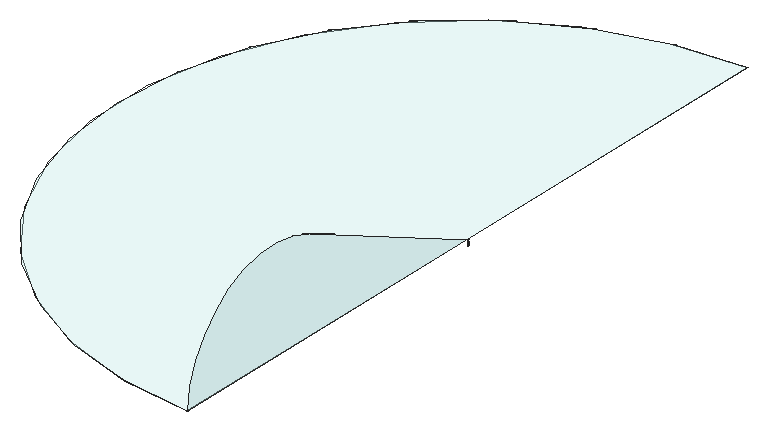
Revit family "Rotor 8005 Series - I8005SS", category Acessórios do tubo, Revit 2020
Family settings
  Cota do conector redondo = Utilizar diâmetro
  Tipo de parte = Normal
  Número OmniClass = 23.60.30.11.14
  Título OmniClass = Pipework Fittings
  Com base no plano de trabalho = Não
  Sempre na vertical = Sim
  Corte com vazios quando carregada = Não
  Compartilhado = Não
Parameters (values of type "Nozzle 20")
  Water = Water
  URL = "https://www.rainbird.com/"
  TABLE 90 = "TABLE 90psi"
  TABLE 80 = "TABLE 80psi"
  TABLE 70 = "TABLE 70psi"
  TABLE 60 = "TABLE 60psi"
  TABLE 50 = "TABLE 50psi"
  TABLE 100 = "TABLE 100psi"
  SupportProjetos: Reviw Date = ""  # constant formula
  SupportProjetos: Reviw = "R00"  # constant formula
  SupportProjetos: Level of Detail = "LOD 300"  # constant formula
  SupportProjetos: Developed = "MICHEL SOARES MOTA"  # constant formula
  SupportProjetos: Creation Date = "12/08/2020"  # constant formula
  Side inlet = no
  Rotation Water Visibility [instance] = Pop up on  # yes
  Rotation Angle [instance] = 180.00°
  RainBird: Product Link = "https://www.rainbird.com/"
  RainBird: Description = "I8005-SS Rotor "  # constant formula
  RainBird: Comment [instance] = ""
  RainBird: Code = "B81400"  # constant formula
  Radius [instance] = if(and(Pressure = 50.0 psi, Instance < 13 ft), size_lookup(TABLE 50, "Radius", 0 ft, Instance), if(and(Pressure = 60.0 psi, Instance < 13 ft), size_lookup(TABLE 60, "Radius", 0 ft, Instance), if(and(Pressure = 70.0 psi, Instance < 13 ft), size_lookup(TABLE 70, "Radius", 0 ft, Instance), if(and(Pressure = 80.0 psi, Instance < 13 ft), size_lookup(TABLE 80, "Radius", 0 ft, Instance), if(and(Pressure = 90.0 psi, Instance > 4 ft), size_lookup(TABLE 90, "Radius", 0 ft, Instance), if(and(Pressure = 100.0 psi, Instance > 8 ft), size_lookup(TABLE 100, "Radius", 0 ft, Instance), 600 ft))))))  # 73 ft
  RT = 0.009893 ft
  RN = 0.032808 ft
  R5 = 0.03937 ft
  R4 = 0.04101 ft
  R3 = 0.065617 ft
  R2 = 0.075407 ft
  R1 = 0.032808 ft
  Pressure [instance] = 90.0 psi
  Pop up height = 0.417 ft  # constant formula
  Pop up on [instance] = yes
  Modelo = "I8005SS"  # constant formula
  Instance = 9 ft
  H1 = Body height / 3  # 0.240667 ft
  Flow [instance] = if(and(Pressure = 50.0 psi, Instance < 13 ft), size_lookup(TABLE 50, "Flow", 0.0 GPM, Instance), if(and(Pressure = 60.0 psi, Instance < 13 ft), size_lookup(TABLE 60, "Flow", 0.0 GPM, Instance), if(and(Pressure = 70.0 psi, Instance < 13 ft), size_lookup(TABLE 70, "Flow", 0.0 GPM, Instance), if(and(Pressure = 80.0 psi, Instance < 13 ft), size_lookup(TABLE 80, "Flow", 0.0 GPM, Instance), if(and(Pressure = 90.0 psi, Instance > 4 ft), size_lookup(TABLE 90, "Flow", 0.0 GPM, Instance), if(and(Pressure = 100.0 psi, Instance > 8 ft), size_lookup(TABLE 100, "Flow", 0.0 GPM, Instance), 600.0 GPM))))))  # 25.3 GPM
  Fabricante = "Rain Bird"
  Elevação padrão = 0 ft
  Description = RainBird: Description  # "I8005-SS Rotor "
  DD13 = 0.002625 ft
  DD12 = 0.003937 ft
  DD11 = 0.009897 ft
  DD10 = 0.016404 ft
  DD8 [instance] = if(Pop up on, Pop up height, 0 ft)  # 0.417 ft
  DD7 = 0.019685 ft
  DD6 [instance] = 0.016404 ft
  DD5 = 0.065617 ft
  DD4 = 0.032808 ft
  DD3 = 0.091048 ft
  DD2 [instance] = 0.024514 ft
  DD9 [instance] = if(Pop up on, Pop up height + 0.049541 ft, 0 ft)  # 0.466541 ft
  DD1 = 0.006562 ft
  Conection = 0.062664 ft  # constant formula
  Body height = 0.722 ft  # constant formula
  Blue = Blue Plastic
  Black Plastic = Black Plastic
  Angle = 25.00°
Types (13, lengths in ft): name | Radius | Pressure | Instance | Flow
  (no name) | 73 | 90.0 psi | 9 | 25.3 GPM
  Nozzle 4 | 39 | 80.0 psi | 1 | 5.0 GPM
  Nozzle 6 | 45 | 80.0 psi | 2 | 7.1 GPM
  Nozzle 8 | 49 | 80.0 psi | 3 | 9.8 GPM
  Nozzle 10 | 55 | 80.0 psi | 4 | 11.8 GPM
  Nozzle 12 | 61 | 80.0 psi | 5 | 14.2 GPM
  Tipo 14 | 63 | 80.0 psi | 6 | 16.4 GPM
  Nozzle 16 | 67 | 80.0 psi | 7 | 18.6 GPM
  Nozzle 18 | 71 | 90.0 psi | 8 | 22.2 GPM
  Nozzle 20 | 73 | 90.0 psi | 9 | 25.3 GPM
  Nozzle 22 | 75 | 90.0 psi | 10 | 29.1 GPM
  Nozzle 24 | 79 | 90.0 psi | 11 | 31.0 GPM
  Nozzle 26 | 79 | 90.0 psi | 12 | 33.7 GPM
Reference planes (ft)
  plane 1 "Centro (Frente/Trás)": y = 0
  plane 2: z = 0
  plane 3 "Centro (Esquerda/Direita)": x = 0
  plane 4: z = 0.003937
  plane 5: z = 0.002625
  plane 6: y = -0.065617
Forms (ft)
  Revolve 1, solid, material "Black Plastic" <- "Black Plastic"
    sketch origin (0, 0, 0) x (1, 0, 0) y (0, 0, 1)
      loop
        line (0.075407, -0.091048) -> (0.075407, -0.035324)
        arc (0.075407, -0.035324) -> (0.072509, -0.028329) -> (0.065514, -0.025431) r 0.009893
        line (0.065514, -0.025431) -> (0.046098, -0.025431) -> (0.046098, 0) -> (0.03937, 0) -> (0.03937, -0.417) -> (0.019685, -0.417) -> (0.019685, -0.715438) -> (0.032808, -0.715438) -> (0.032808, -0.722) -> (0.04101, -0.722) -> (0.04101, -0.715438) -> (0.055724, -0.715438)
        arc (0.055724, -0.715438) -> (0.062719, -0.712541) -> (0.065617, -0.705545) r 0.009893
        line (0.065617, -0.705545) -> (0.065617, -0.091048) -> (0.075407, -0.091048)
      axis (0, -0.722) -> (0, 0)
    angle from 0 to 360
  Extrusion 2, solid, material "Black Plastic" <- "Black Plastic"
    sketch origin (0, 0, 0) x (1, 0, 0) y (0, 1, 0)
      loop
        circle (0, 0) r 0.032808
    from -0.417 to 0.417
  Extrusion 3, void
    sketch origin (0, 0, 0) x (1, 0, 0) y (0, 1, 0)
      loop
        circle (0, 0) r 0.022844
    from -0.417 to 0.417
  Revolve 4, solid, material "Black Plastic" <- "Black Plastic"
    sketch origin (0, 0, 0) x (1, 0, 0) y (0, 0, 1)
      loop
        line (0, 0.417) -> (0.037004, 0.417) -> (0.037004, 0.426897)
        arc (0.037004, 0.426897) -> (0.01879, 0.43179) -> (0, 0.433404) r 0.10685
        line (0, 0.433404) -> (0, 0.417)
      axis (0, 0.417) -> (0, 0.433404)
    angle from 0 to 360
  Extrusion 5, solid, material "Blue Plastic" <- "Blue"
    sketch origin (0, 0, 0) x (1, 0, 0) y (0, 0, 1)
      loop
        circle (0, 0.392486) r 0.009129
      loop
        circle (0, 0.392486) r 0.004793
    from 0 to 0.034386
  Extrusion 6, void
    sketch origin (0, 0, 0) x (1, 0, 0) y (0, 0, 1)
      loop
        line (-0.02074, 0.328055) -> (-0.02074, 0.282426) -> (0.020672, 0.282426) -> (0.020672, 0.328055) -> (-0.02074, 0.328055)
      loop
        line (-0.018439, 0.325179) -> (-0.018439, 0.285685) -> (0.018179, 0.285685) -> (0.018179, 0.325179) -> (-0.018439, 0.325179)
    from 0.024556 to 0.06931
  Extrusion 7, solid, material "Black Plastic" <- "Black Plastic"
    sketch origin (0, 0, 0) x (1, 0, 0) y (0, 0, 1)
      loop
        line (0.046098, 0) -> (0.046098, -0.036876) -> (0.073493, -0.036876) -> (0.046098, 0)
    from -0.002998 to 0.002998
  Extrusion 8, solid, material "Black Plastic" <- "Black Plastic"
    sketch origin (0, 0, 0) x (-1, 0, 0) y (0, 0, -1)
      loop
        line (0.046098, 0) -> (0.073493, 0.036876) -> (0.046098, 0.036876) -> (0.046098, 0)
    from -0.002998 to 0.002998
  Extrusion 9, solid, material "Black Plastic" <- "Black Plastic"
    sketch origin (0, 0, 0) x (0.866025, 0.5, 0) y (0, 0, 1)
      loop
        line (0.046098, 0) -> (0.046098, -0.036876) -> (0.073493, -0.036876) -> (0.046098, 0)
    from -0.002998 to 0.002998
  Extrusion 10, solid, material "Black Plastic" <- "Black Plastic"
    sketch origin (0, 0, 0) x (-0.866025, -0.5, 0) y (0, 0, -1)
      loop
        line (0.046098, 0) -> (0.073493, 0.036876) -> (0.046098, 0.036876) -> (0.046098, 0)
    from -0.002998 to 0.002998
  Extrusion 11, solid, material "Black Plastic" <- "Black Plastic"
    sketch origin (0, 0, 0) x (0, 1, 0) y (0, 0, 1)
      loop
        line (0.046098, 0) -> (0.046098, -0.036876) -> (0.073493, -0.036876) -> (0.046098, 0)
    from -0.002998 to 0.002998
  Extrusion 12, solid, material "Black Plastic" <- "Black Plastic"
    sketch origin (0, 0, 0) x (0, -1, 0) y (0, 0, -1)
      loop
        line (0.046098, 0) -> (0.073493, 0.036876) -> (0.046098, 0.036876) -> (0.046098, 0)
    from -0.002998 to 0.002998
  Extrusion 13, solid, material "Black Plastic" <- "Black Plastic"
    sketch origin (0, 0, 0) x (0.5, 0.866025, 0) y (0, 0, 1)
      loop
        line (0.046098, 0) -> (0.046098, -0.036876) -> (0.073493, -0.036876) -> (0.046098, 0)
    from -0.002998 to 0.002998
  Extrusion 14, solid, material "Black Plastic" <- "Black Plastic"
    sketch origin (0, 0, 0) x (-0.5, -0.866025, 0) y (0, 0, -1)
      loop
        line (0.046098, 0) -> (0.073493, 0.036876) -> (0.046098, 0.036876) -> (0.046098, 0)
    from -0.002998 to 0.002998
  Extrusion 15, solid, material "Black Plastic" <- "Black Plastic"
    sketch origin (0, 0, 0) x (-0.5, 0.866025, 0) y (0, 0, 1)
      loop
        line (0.046098, 0) -> (0.046098, -0.036876) -> (0.073493, -0.036876) -> (0.046098, 0)
    from -0.002998 to 0.002998
  Extrusion 16, solid, material "Black Plastic" <- "Black Plastic"
    sketch origin (0, 0, 0) x (0.5, -0.866025, 0) y (0, 0, -1)
      loop
        line (0.046098, 0) -> (0.073493, 0.036876) -> (0.046098, 0.036876) -> (0.046098, 0)
    from -0.002998 to 0.002998
  Extrusion 17, solid, material "Black Plastic" <- "Black Plastic"
    sketch origin (0, 0, 0) x (-0.866025, 0.5, 0) y (0, 0, 1)
      loop
        line (0.046098, 0) -> (0.046098, -0.036876) -> (0.073493, -0.036876) -> (0.046098, 0)
    from -0.002998 to 0.002998
  Extrusion 18, solid, material "Black Plastic" <- "Black Plastic"
    sketch origin (0, 0, 0) x (0.866025, -0.5, 0) y (0, 0, -1)
      loop
        line (0.046098, 0) -> (0.073493, 0.036876) -> (0.046098, 0.036876) -> (0.046098, 0)
    from -0.002998 to 0.002998
  Extrusion 19, void
    sketch origin (0, 0, 0) x (1, 0, 0) y (0, 1, 0)
      loop
        line (-0.002998, 0.077702) -> (-0.002998, 0.071655) -> (0.002998, 0.071655) -> (0.002998, 0.077702) -> (-0.002998, 0.077702)
    from -0.091048 to 0.82021
  Extrusion 20, void
    sketch origin (0, 0, 0) x (1, 0, 0) y (0, 1, 0)
      loop
        line (0.002998, -0.077702) -> (0.002998, -0.071655) -> (-0.002998, -0.071655) -> (-0.002998, -0.077702) -> (0.002998, -0.077702)
    from -0.091048 to 0.82021
  Extrusion 21, void
    sketch origin (0, 0, 0) x (0.965926, 0.258819, 0) y (-0.258819, 0.965926, 0)
      loop
        line (-0.002998, 0.077702) -> (-0.002998, 0.071655) -> (0.002998, 0.071655) -> (0.002998, 0.077702) -> (-0.002998, 0.077702)
    from -0.091048 to 0.82021
  Extrusion 22, void
    sketch origin (0, 0, 0) x (0.965926, 0.258819, 0) y (-0.258819, 0.965926, 0)
      loop
        line (0.002998, -0.077702) -> (0.002998, -0.071655) -> (-0.002998, -0.071655) -> (-0.002998, -0.077702) -> (0.002998, -0.077702)
    from -0.091048 to 0.82021
  Extrusion 23, void
    sketch origin (0, 0, 0) x (0.866025, 0.5, 0) y (-0.5, 0.866025, 0)
      loop
        line (-0.002998, 0.077702) -> (-0.002998, 0.071655) -> (0.002998, 0.071655) -> (0.002998, 0.077702) -> (-0.002998, 0.077702)
    from -0.091048 to 0.82021
  Extrusion 24, void
    sketch origin (0, 0, 0) x (0.866025, 0.5, 0) y (-0.5, 0.866025, 0)
      loop
        line (0.002998, -0.077702) -> (0.002998, -0.071655) -> (-0.002998, -0.071655) -> (-0.002998, -0.077702) -> (0.002998, -0.077702)
    from -0.091048 to 0.82021
  Extrusion 25, void
    sketch origin (0, 0, 0) x (0.5, 0.866025, 0) y (-0.866025, 0.5, 0)
      loop
        line (-0.002998, 0.077702) -> (-0.002998, 0.071655) -> (0.002998, 0.071655) -> (0.002998, 0.077702) -> (-0.002998, 0.077702)
    from -0.091048 to 0.82021
  Extrusion 26, void
    sketch origin (0, 0, 0) x (0.5, 0.866025, 0) y (-0.866025, 0.5, 0)
      loop
        line (0.002998, -0.077702) -> (0.002998, -0.071655) -> (-0.002998, -0.071655) -> (-0.002998, -0.077702) -> (0.002998, -0.077702)
    from -0.091048 to 0.82021
  Extrusion 27, void
    sketch origin (0, 0, 0) x (0.707107, 0.707107, 0) y (-0.707107, 0.707107, 0)
      loop
        line (-0.002998, 0.077702) -> (-0.002998, 0.071655) -> (0.002998, 0.071655) -> (0.002998, 0.077702) -> (-0.002998, 0.077702)
    from -0.091048 to 0.82021
  Extrusion 28, void
    sketch origin (0, 0, 0) x (0.707107, 0.707107, 0) y (-0.707107, 0.707107, 0)
      loop
        line (0.002998, -0.077702) -> (0.002998, -0.071655) -> (-0.002998, -0.071655) -> (-0.002998, -0.077702) -> (0.002998, -0.077702)
    from -0.091048 to 0.82021
  Extrusion 29, void
    sketch origin (0, 0, 0) x (0.258819, 0.965926, 0) y (-0.965926, 0.258819, 0)
      loop
        line (-0.002998, 0.077702) -> (-0.002998, 0.071655) -> (0.002998, 0.071655) -> (0.002998, 0.077702) -> (-0.002998, 0.077702)
    from -0.091048 to 0.82021
  Extrusion 30, void
    sketch origin (0, 0, 0) x (0.258819, 0.965926, 0) y (-0.965926, 0.258819, 0)
      loop
        line (0.002998, -0.077702) -> (0.002998, -0.071655) -> (-0.002998, -0.071655) -> (-0.002998, -0.077702) -> (0.002998, -0.077702)
    from -0.091048 to 0.82021
  Extrusion 31, void
    sketch origin (0, 0, 0) x (0, 1, 0) y (-1, 0, 0)
      loop
        line (-0.002998, 0.077702) -> (-0.002998, 0.071655) -> (0.002998, 0.071655) -> (0.002998, 0.077702) -> (-0.002998, 0.077702)
    from -0.091048 to 0.82021
  Extrusion 32, void
    sketch origin (0, 0, 0) x (0, 1, 0) y (-1, 0, 0)
      loop
        line (0.002998, -0.077702) -> (0.002998, -0.071655) -> (-0.002998, -0.071655) -> (-0.002998, -0.077702) -> (0.002998, -0.077702)
    from -0.091048 to 0.82021
  Extrusion 33, void
    sketch origin (0, 0, 0) x (-0.258819, 0.965926, 0) y (-0.965926, -0.258819, 0)
      loop
        line (-0.002998, 0.077702) -> (-0.002998, 0.071655) -> (0.002998, 0.071655) -> (0.002998, 0.077702) -> (-0.002998, 0.077702)
    from -0.091048 to 0.82021
  Extrusion 34, void
    sketch origin (0, 0, 0) x (-0.258819, 0.965926, 0) y (-0.965926, -0.258819, 0)
      loop
        line (0.002998, -0.077702) -> (0.002998, -0.071655) -> (-0.002998, -0.071655) -> (-0.002998, -0.077702) -> (0.002998, -0.077702)
    from -0.091048 to 0.82021
  Extrusion 35, void
    sketch origin (0, 0, 0) x (-0.5, 0.866025, 0) y (-0.866025, -0.5, 0)
      loop
        line (-0.002998, 0.077702) -> (-0.002998, 0.071655) -> (0.002998, 0.071655) -> (0.002998, 0.077702) -> (-0.002998, 0.077702)
    from -0.091048 to 0.82021
  Extrusion 36, void
    sketch origin (0, 0, 0) x (-0.5, 0.866025, 0) y (-0.866025, -0.5, 0)
      loop
        line (0.002998, -0.077702) -> (0.002998, -0.071655) -> (-0.002998, -0.071655) -> (-0.002998, -0.077702) -> (0.002998, -0.077702)
    from -0.091048 to 0.82021
  Extrusion 37, void
    sketch origin (0, 0, 0) x (-0.707107, 0.707107, 0) y (-0.707107, -0.707107, 0)
      loop
        line (-0.002998, 0.077702) -> (-0.002998, 0.071655) -> (0.002998, 0.071655) -> (0.002998, 0.077702) -> (-0.002998, 0.077702)
    from -0.091048 to 0.82021
  Extrusion 38, void
    sketch origin (0, 0, 0) x (-0.707107, 0.707107, 0) y (-0.707107, -0.707107, 0)
      loop
        line (0.002998, -0.077702) -> (0.002998, -0.071655) -> (-0.002998, -0.071655) -> (-0.002998, -0.077702) -> (0.002998, -0.077702)
    from -0.091048 to 0.82021
  Extrusion 39, void
    sketch origin (0, 0, 0) x (-0.866025, 0.5, 0) y (-0.5, -0.866025, 0)
      loop
        line (-0.002998, 0.077702) -> (-0.002998, 0.071655) -> (0.002998, 0.071655) -> (0.002998, 0.077702) -> (-0.002998, 0.077702)
    from -0.091048 to 0.82021
  Extrusion 40, void
    sketch origin (0, 0, 0) x (-0.866025, 0.5, 0) y (-0.5, -0.866025, 0)
      loop
        line (0.002998, -0.077702) -> (0.002998, -0.071655) -> (-0.002998, -0.071655) -> (-0.002998, -0.077702) -> (0.002998, -0.077702)
    from -0.091048 to 0.82021
  Extrusion 41, void
    sketch origin (0, 0, 0) x (-0.965926, 0.258819, 0) y (-0.258819, -0.965926, 0)
      loop
        line (-0.002998, 0.077702) -> (-0.002998, 0.071655) -> (0.002998, 0.071655) -> (0.002998, 0.077702) -> (-0.002998, 0.077702)
    from -0.091048 to 0.82021
  Extrusion 42, void
    sketch origin (0, 0, 0) x (-0.965926, 0.258819, 0) y (-0.258819, -0.965926, 0)
      loop
        line (0.002998, -0.077702) -> (0.002998, -0.071655) -> (-0.002998, -0.071655) -> (-0.002998, -0.077702) -> (0.002998, -0.077702)
    from -0.091048 to 0.82021
  Extrusion 43, solid, material "Water" <- "Water", visible <- "Rotation Water Visibility"
    sketch origin (0, 0, 0) x (0, 1, 0) y (0, 0, 1)
      loop
        line (-0.032808, 0.392486) -> (-41.314762, 19.642577)
        arc (-41.314762, 19.642577) -> (-62.318922, 18.495086) -> (-73.032808, 0.392486) r 22.310372
        line (-73.032808, 0.392486) -> (-0.032808, 0.392486)
    from -0.008202 to 0.008202
Cuts and joins
  Extrusion 3, Extrusion 6 cuts Extrusion 2
  Extrusion 19, Extrusion 20, Extrusion 21, Extrusion 22, Extrusion 23, Extrusion 24, Extrusion 25, Extrusion 26, Extrusion 27, Extrusion 28, Extrusion 29, Extrusion 30, Extrusion 31, Extrusion 32, Extrusion 33, Extrusion 34, Extrusion 35, Extrusion 36, Extrusion 37, Extrusion 38, Extrusion 39, Extrusion 40, Extrusion 41, Extrusion 42 cuts Revolve 1
Dimensions and locks (ft)
  "Body height": level to Revolve 1 sketch curve
  "R2": Revolve 1 sketch curve to plane 3 "Centro (Esquerda/Direita)"
  "DD1": Revolve 1 sketch curve to Revolve 1 sketch curve
  "DD3": level to Revolve 1 sketch curve
  Revolve 1 sketch curve to plane 3 "Centro (Esquerda/Direita)" = 0.065617 ft
  "R4": Revolve 1 sketch curve to plane 3 "Centro (Esquerda/Direita)"
  "RN": Revolve 1 sketch curve to plane 3 "Centro (Esquerda/Direita)"
  "Pop up height": level to Revolve 1 sketch curve
  "R5": plane 3 "Centro (Esquerda/Direita)" to Revolve 1 sketch curve
  "DD7": Revolve 1 sketch curve to plane 3 "Centro (Esquerda/Direita)"
  "DD8": Extrusion 2 to level
  "DD12": plane 4 to level
  "DD13": plane 5 to level
  "R3": plane 6 to plane 1 "Centro (Frente/Trás)"
  "DD5": Revolve 1 sketch curve to Revolve 1 sketch curve
  "DD10": Revolve 4 sketch curve to Revolve 4 sketch curve
  "DD11": Revolve 4 sketch curve to Revolve 4 sketch curve
  "DD2": Revolve 4 to Extrusion 5 sketch curve  (x2)
  Extrusion 7 to plane 3 "Centro (Esquerda/Direita)" = 0.046098 ft
  equal spacing: Extrusion 7, plane 1 "Centro (Frente/Trás)", Extrusion 7
  Extrusion 8 to Extrusion 8 = 0.005995 ft
  Extrusion 9 to Extrusion 9 = 0.005995 ft
  Extrusion 20 sketch curve to Extrusion 20 sketch curve = 0.005995 ft
  Extrusion 22 sketch curve to Extrusion 22 sketch curve = 0.005995 ft
  Extrusion 24 sketch curve to Extrusion 24 sketch curve = 0.005995 ft
  Extrusion 26 sketch curve to Extrusion 26 sketch curve = 0.005995 ft
  Extrusion 28 sketch curve to Extrusion 28 sketch curve = 0.005995 ft
  Extrusion 30 sketch curve to Extrusion 30 sketch curve = 0.005995 ft
  Extrusion 32 sketch curve to Extrusion 32 sketch curve = 0.005995 ft
  Extrusion 34 sketch curve to Extrusion 34 sketch curve = 0.005995 ft
  Extrusion 36 sketch curve to Extrusion 36 sketch curve = 0.005995 ft
  Extrusion 38 sketch curve to Extrusion 38 sketch curve = 0.005995 ft
  Extrusion 40 sketch curve to Extrusion 40 sketch curve = 0.005995 ft
  Extrusion 42 sketch curve to Extrusion 42 sketch curve = 0.005995 ft
  "DD4": plane 1 "Centro (Frente/Trás)" to Extrusion 43 sketch curve
  "DD2": Revolve 4 to Extrusion 43 sketch curve
  "Radius": Extrusion 43 sketch curve to Extrusion 43 sketch curve
  equal spacing: Extrusion 43, plane 3 "Centro (Esquerda/Direita)", Extrusion 43
  "DD6": Extrusion 43 to Extrusion 43
  "DD2": Revolve 4 to nested 1
  "RT": radius of Revolve 1 sketch curve  (x2)
  "R1": radius of Extrusion 2 sketch curve
  "Angle": angle Extrusion 43 sketch curve to Extrusion 43 sketch curve
  aligned and locked: level to plane 2
  aligned and locked: Revolve 1 sketch curve to Revolve 1 sketch curve
  aligned and locked: Extrusion 2 to Revolve 1
  aligned and locked: cut or joined group of Extrusion 2, Extrusion 3, Extrusion 6 to cut or joined group of Extrusion 2, Extrusion 3, Extrusion 6  (x2)
  aligned and locked: Revolve 4 sketch curve to cut or joined group of Extrusion 2, Extrusion 3, Extrusion 6
  aligned and locked: Extrusion 20 to Revolve 1
  aligned and locked: Extrusion 22 to Revolve 1
  aligned and locked: Extrusion 24 to Revolve 1
  aligned and locked: Extrusion 28 to Revolve 1
  aligned and locked: Extrusion 26 to Revolve 1
  aligned and locked: Extrusion 30 to Revolve 1
  aligned and locked: Extrusion 32 to Revolve 1
  aligned and locked: Extrusion 34 to Revolve 1
  aligned and locked: Revolve 1 to Extrusion 36
  aligned and locked: Revolve 1 to Extrusion 38
  aligned and locked: Extrusion 41 to Revolve 1
  aligned and locked: Extrusion 39 to Revolve 1
  aligned and locked: Extrusion 37 to Revolve 1
  aligned and locked: Extrusion 35 to Revolve 1
  aligned and locked: Extrusion 33 to Revolve 1
  aligned and locked: Extrusion 31 to Revolve 1
  aligned and locked: Extrusion 29 to Revolve 1
  aligned and locked: Revolve 1 to Extrusion 25
  aligned and locked: Revolve 1 to Extrusion 27
  aligned and locked: Revolve 1 to Extrusion 19
  aligned and locked: Revolve 1 to Extrusion 21
  aligned and locked: Revolve 1 to Extrusion 42
  aligned and locked: Revolve 1 to Extrusion 40
  aligned and locked: Revolve 1 to Extrusion 23
Automatic sketch dimensions
  plane 1 "Centro (Frente/Trás)" to Extrusion 2 sketch curve = 0 ft
  Extrusion 2 sketch curve to plane 3 "Centro (Esquerda/Direita)" = 0 ft
  plane 1 "Centro (Frente/Trás)" to Extrusion 3 sketch curve = 0 ft
  Extrusion 3 sketch curve to plane 3 "Centro (Esquerda/Direita)" = 0 ft
  Revolve 4 sketch curve to plane 3 "Centro (Esquerda/Direita)" = 0 ft  (x2)
  plane 3 "Centro (Esquerda/Direita)" to Revolve 4 sketch curve = 0.000284 ft
  plane 3 "Centro (Esquerda/Direita)" to Revolve 4 sketch curve = 0.037004 ft
  Revolve 4 sketch curve to Revolve 4 sketch curve = 0.015719 ft
  Revolve 4 sketch curve to Revolve 4 sketch curve = 0.114829 ft
  Extrusion 5 sketch curve to Extrusion 5 sketch curve = 0 ft
  Extrusion 5 sketch curve to plane 3 "Centro (Esquerda/Direita)" = 0 ft
  Extrusion 6 sketch curve to plane 3 "Centro (Esquerda/Direita)" = 0.02074 ft
  Extrusion 6 sketch curve to Extrusion 6 sketch curve = 0.002301 ft
  plane 3 "Centro (Esquerda/Direita)" to Extrusion 6 sketch curve = 0.018179 ft
  Extrusion 6 sketch curve to Extrusion 6 sketch curve = 0.002492 ft
  plane 4 to Extrusion 6 sketch curve = 0.278489 ft
  Extrusion 6 sketch curve to Extrusion 6 sketch curve = 0.003259 ft
  Extrusion 6 sketch curve to Extrusion 6 sketch curve = 0.039494 ft
  Extrusion 6 sketch curve to Extrusion 6 sketch curve = 0.002876 ft
  Extrusion 7 sketch curve to level = 0 ft
  plane 3 "Centro (Esquerda/Direita)" to Extrusion 7 sketch curve = 0.046098 ft
  Extrusion 7 sketch curve to Extrusion 7 sketch curve = 0.027396 ft
  Extrusion 7 sketch curve to Extrusion 7 sketch curve = 0.036876 ft
  Extrusion 8 sketch curve to level = 0 ft
  plane 3 "Centro (Esquerda/Direita)" to Extrusion 8 sketch curve = 0.046098 ft
  Extrusion 8 sketch curve to Extrusion 8 sketch curve = 0.027396 ft
  Extrusion 8 sketch curve to Extrusion 8 sketch curve = 0.036876 ft
  Extrusion 9 sketch curve to level = 0 ft
  Extrusion 9 sketch curve to level = 0.036876 ft
  Extrusion 9 sketch curve to Extrusion 9 sketch curve = 0.027396 ft
  Extrusion 10 sketch curve to level = 0 ft
  Extrusion 10 sketch curve to level = 0.036876 ft
  Extrusion 10 sketch curve to Extrusion 10 sketch curve = 0.027396 ft
  Extrusion 11 sketch curve to level = 0 ft
  Extrusion 11 sketch curve to plane 1 "Centro (Frente/Trás)" = 0.046098 ft
  Extrusion 11 sketch curve to Extrusion 11 sketch curve = 0.027396 ft
  Extrusion 11 sketch curve to Extrusion 11 sketch curve = 0.036876 ft
  Extrusion 12 sketch curve to level = 0 ft
  plane 6 to Extrusion 12 sketch curve = 0.019519 ft
  Extrusion 12 sketch curve to plane 6 = 0.007877 ft
  Extrusion 12 sketch curve to level = 0.036876 ft
  Extrusion 13 sketch curve to level = 0 ft
  Extrusion 13 sketch curve to level = 0.036876 ft
  Extrusion 13 sketch curve to Extrusion 13 sketch curve = 0.027396 ft
  Extrusion 14 sketch curve to level = 0 ft
  Extrusion 14 sketch curve to level = 0.036876 ft
  Extrusion 14 sketch curve to Extrusion 14 sketch curve = 0.027396 ft
  level to Extrusion 15 sketch curve = 0 ft
  Extrusion 15 sketch curve to level = 0.036876 ft
  Extrusion 15 sketch curve to Extrusion 15 sketch curve = 0.027396 ft
  level to Extrusion 16 sketch curve = 0 ft
  Extrusion 16 sketch curve to level = 0.036876 ft
  Extrusion 16 sketch curve to Extrusion 16 sketch curve = 0.027396 ft
  level to Extrusion 17 sketch curve = 0 ft
  Extrusion 17 sketch curve to level = 0.036876 ft
  Extrusion 17 sketch curve to Extrusion 17 sketch curve = 0.027396 ft
  level to Extrusion 18 sketch curve = 0 ft
  Extrusion 18 sketch curve to level = 0.036876 ft
  Extrusion 18 sketch curve to Extrusion 18 sketch curve = 0.027396 ft
  Extrusion 19 sketch curve to plane 3 "Centro (Esquerda/Direita)" = 0.002998 ft
  Extrusion 19 sketch curve to plane 1 "Centro (Frente/Trás)" = 0.071655 ft
  Extrusion 19 sketch curve to Extrusion 19 sketch curve = 0.006047 ft
  plane 3 "Centro (Esquerda/Direita)" to Extrusion 20 sketch curve = 0.002998 ft
  plane 6 to Extrusion 20 sketch curve = 0.006038 ft
  Extrusion 20 sketch curve to Extrusion 20 sketch curve = 0.006047 ft
  plane 3 "Centro (Esquerda/Direita)" to Extrusion 19 sketch curve = 0.002998 ft
  Extrusion 21 sketch curve to plane 3 "Centro (Esquerda/Direita)" = 0.021441 ft
  Extrusion 21 sketch curve to plane 1 "Centro (Frente/Trás)" = 0.068438 ft
  Extrusion 21 sketch curve to Extrusion 21 sketch curve = 0.005995 ft
  Extrusion 21 sketch curve to Extrusion 21 sketch curve = 0.006047 ft
  Extrusion 22 sketch curve to plane 6 = 0.010213 ft
  plane 3 "Centro (Esquerda/Direita)" to Extrusion 22 sketch curve = 0.017215 ft
  Extrusion 22 sketch curve to Extrusion 22 sketch curve = 0.006047 ft
  Extrusion 23 sketch curve to plane 3 "Centro (Esquerda/Direita)" = 0.038424 ft
  Extrusion 23 sketch curve to plane 1 "Centro (Frente/Trás)" = 0.060556 ft
  Extrusion 23 sketch curve to Extrusion 23 sketch curve = 0.005995 ft
  Extrusion 23 sketch curve to Extrusion 23 sketch curve = 0.006047 ft
  Extrusion 24 sketch curve to plane 6 = 0.003174 ft
  plane 3 "Centro (Esquerda/Direita)" to Extrusion 24 sketch curve = 0.036255 ft
  Extrusion 24 sketch curve to Extrusion 24 sketch curve = 0.006047 ft
  Extrusion 25 sketch curve to plane 1 "Centro (Frente/Trás)" = 0.033231 ft
  Extrusion 25 sketch curve to plane 3 "Centro (Esquerda/Direita)" = 0.063554 ft
  Extrusion 25 sketch curve to Extrusion 25 sketch curve = 0.005995 ft
  Extrusion 25 sketch curve to Extrusion 25 sketch curve = 0.006047 ft
  Extrusion 26 sketch curve to plane 6 = 0.02417 ft
  Extrusion 26 sketch curve to plane 3 "Centro (Esquerda/Direita)" = 0.065793 ft
  Extrusion 26 sketch curve to Extrusion 26 sketch curve = 0.006047 ft
  Extrusion 27 sketch curve to plane 1 "Centro (Frente/Trás)" = 0.048548 ft
  Extrusion 27 sketch curve to plane 3 "Centro (Esquerda/Direita)" = 0.052787 ft
  Extrusion 27 sketch curve to Extrusion 27 sketch curve = 0.005995 ft
  Extrusion 27 sketch curve to Extrusion 27 sketch curve = 0.006047 ft
  plane 6 to Extrusion 28 sketch curve = 0.008554 ft
  plane 3 "Centro (Esquerda/Direita)" to Extrusion 28 sketch curve = 0.052824 ft
  Extrusion 28 sketch curve to Extrusion 28 sketch curve = 0.006047 ft
  Extrusion 29 sketch curve to plane 1 "Centro (Frente/Trás)" = 0.01565 ft
  Extrusion 29 sketch curve to plane 3 "Centro (Esquerda/Direita)" = 0.069989 ft
  Extrusion 29 sketch curve to Extrusion 29 sketch curve = 0.005995 ft
  Extrusion 29 sketch curve to Extrusion 29 sketch curve = 0.006047 ft
  plane 1 "Centro (Frente/Trás)" to Extrusion 30 sketch curve = 0.023006 ft
  plane 3 "Centro (Esquerda/Direita)" to Extrusion 30 sketch curve = 0.074278 ft
  Extrusion 30 sketch curve to Extrusion 30 sketch curve = 0.006047 ft
  plane 1 "Centro (Frente/Trás)" to Extrusion 31 sketch curve = 0.002998 ft
  Extrusion 31 sketch curve to plane 1 "Centro (Frente/Trás)" = 0.002998 ft
  Extrusion 31 sketch curve to plane 3 "Centro (Esquerda/Direita)" = 0.071655 ft
  Extrusion 31 sketch curve to Extrusion 31 sketch curve = 0.006047 ft
  plane 1 "Centro (Frente/Trás)" to Extrusion 32 sketch curve = 0.002998 ft
  plane 3 "Centro (Esquerda/Direita)" to Extrusion 32 sketch curve = 0.077702 ft
  Extrusion 32 sketch curve to Extrusion 32 sketch curve = 0.006047 ft
  plane 1 "Centro (Frente/Trás)" to Extrusion 33 sketch curve = 0.021441 ft
  Extrusion 33 sketch curve to plane 3 "Centro (Esquerda/Direita)" = 0.068438 ft
  Extrusion 33 sketch curve to Extrusion 33 sketch curve = 0.005995 ft
  Extrusion 33 sketch curve to Extrusion 33 sketch curve = 0.006047 ft
  Extrusion 34 sketch curve to plane 1 "Centro (Frente/Trás)" = 0.017215 ft
  plane 3 "Centro (Esquerda/Direita)" to Extrusion 34 sketch curve = 0.07583 ft
  Extrusion 34 sketch curve to Extrusion 34 sketch curve = 0.006047 ft
  plane 6 to Extrusion 35 sketch curve = 0.027193 ft
  Extrusion 35 sketch curve to plane 3 "Centro (Esquerda/Direita)" = 0.060556 ft
  Extrusion 35 sketch curve to Extrusion 35 sketch curve = 0.005995 ft
  Extrusion 35 sketch curve to Extrusion 35 sketch curve = 0.006047 ft
  Extrusion 36 sketch curve to plane 1 "Centro (Frente/Trás)" = 0.036255 ft
  plane 3 "Centro (Esquerda/Direita)" to Extrusion 36 sketch curve = 0.068791 ft
  Extrusion 36 sketch curve to Extrusion 36 sketch curve = 0.006047 ft
  plane 6 to Extrusion 37 sketch curve = 0.012829 ft
  Extrusion 37 sketch curve to plane 3 "Centro (Esquerda/Direita)" = 0.048548 ft
  Extrusion 37 sketch curve to Extrusion 37 sketch curve = 0.005995 ft
  Extrusion 37 sketch curve to Extrusion 37 sketch curve = 0.006047 ft
  Extrusion 38 sketch curve to plane 1 "Centro (Frente/Trás)" = 0.052824 ft
  plane 3 "Centro (Esquerda/Direita)" to Extrusion 38 sketch curve = 0.057063 ft
  Extrusion 38 sketch curve to Extrusion 38 sketch curve = 0.006047 ft
  plane 6 to Extrusion 39 sketch curve = 0.002063 ft
  Extrusion 39 sketch curve to plane 3 "Centro (Esquerda/Direita)" = 0.033231 ft
  Extrusion 39 sketch curve to Extrusion 39 sketch curve = 0.005995 ft
  Extrusion 39 sketch curve to Extrusion 39 sketch curve = 0.006047 ft
  plane 3 "Centro (Esquerda/Direita)" to Extrusion 40 sketch curve = 0.041447 ft
  Extrusion 40 sketch curve to plane 1 "Centro (Frente/Trás)" = 0.065793 ft
  Extrusion 40 sketch curve to Extrusion 40 sketch curve = 0.006047 ft
  Extrusion 41 sketch curve to plane 6 = 0.004372 ft
  Extrusion 41 sketch curve to plane 3 "Centro (Esquerda/Direita)" = 0.01565 ft
  Extrusion 41 sketch curve to Extrusion 41 sketch curve = 0.005995 ft
  Extrusion 41 sketch curve to Extrusion 41 sketch curve = 0.006047 ft
  plane 3 "Centro (Esquerda/Direita)" to Extrusion 42 sketch curve = 0.023006 ft
  Extrusion 42 sketch curve to plane 1 "Centro (Frente/Trás)" = 0.074278 ft
  Extrusion 42 sketch curve to Extrusion 42 sketch curve = 0.006047 ft
  Revolve 1 sketch curve to plane 3 "Centro (Esquerda/Direita)" = 0 ft
  Revolve 1 sketch curve to level = 0 ft
  Revolve 1 sketch curve to Revolve 1 sketch curve = 0.019416 ft
  plane 4 to Revolve 1 sketch curve = 0.079347 ft
  Revolve 1 sketch curve to Revolve 1 sketch curve = 0.918635 ft
  Extrusion 43 sketch curve to level = 0.577487 ft
  radius of Extrusion 3 sketch curve = 0.022844 ft
  radius of Extrusion 5 sketch curve = 0.009129 ft
  radius of Extrusion 5 sketch curve = 0.004793 ft
Nested families (ft)
  nested 1: "Water" at (-0.000025, 0, 0.273228) x (0, -1, 0) z (0, 0, 1), DT9 <- "DD4", Radius <- "Radius", visible <- "Rotation Water Visibility", Rotation Angle <- "Rotation Angle", type "Water"
    with Rotation Angle 180.00°, Radius 73 ft, DT9 0.032808 ft, DT8 0 ft, DT7 292 ft, DT4 365 ft, Angle 2 180.00°
Connectors (ft)
  piping at (0, 0, -0.722), diameter 2
    settings: on cut or joined group of Revolve 1, Extrusion 19, Extrusion 20, Extrusion 21, Extrusion 22, Extrusion 23, Extrusion 24, Extrusion 25, Extrusion 26, Extrusion 27, Extrusion 28, Extrusion 29, Extrusion 30, Extrusion 31, Extrusion 32, Extrusion 33, Extrusion 34, Extrusion 35, Extrusion 36, Extrusion 37, Extrusion 38, Extrusion 39, Extrusion 40, Extrusion 41, Extrusion 42, index 1, connector inside diameter 609.6 mm, connector length 0 ft, flow factor 0, pipe flow 0.0 GPM, pressure drop 0.0 psi, fitting loss kfactor 0, connector angle 0.00°, fixture units 0, engagement length 0 ft, angle of deflection 0.00°, flow configuration 0, flow direction 0, fitting loss method 0, system type 28, joint type 0, gender type 0, connector reference index -1, connector utility 0, adjustable connector no, is connector primary yes, connector description ""
Definition of nested family "Water"
  Parameters (values of type "Water")
    Water Visibility (Circle) = yes
    Water = none
    URL = ""
    SupportProjetos: Reviw Date = ""  # constant formula
    SupportProjetos: Level of Detail = "LOD 300"  # constant formula
    SupportProjetos: Developed = "MICHEL SOARES MOTA"  # constant formula
    SupportProjetos: Creation Date = "16/07/2020"  # constant formula
    Rotation Angle [instance] = 90.00°
    Reviw = "R00"  # constant formula
    Radius [instance] = 14 ft
    Model = ""
    Default Elevation = 4 ft
    Description = ""
    DT9 [instance] = 0.032808 ft
    DT8 [instance] = if(Rotation Angle = 360.00°, 10 ft, 0 ft)  # 0 ft
    DT7 [instance] = 4 * Radius  # 56 ft
    DT4 [instance] = 5 * Radius  # 70 ft
    DT2 = 0.098425 ft  # constant formula
    DT6 = 0 ft
    Angle 2 [instance] = if(Rotation Angle = 360.00°, 180.00°, 360.00° - Rotation Angle)  # 270.00°
  Reference planes (ft)
    plane 1 "Centro (Frente/Trás)": y = 0
    plane 2: z = 0
    plane 3 "Centro (Esquerda/Direita)": x = 0
  Forms (ft)
    Revolve 1, solid, material <- "Water", visible <- "Water Visibility (Circle)"
      sketch origin (0, 0, 0) x (1, 0, 0) y (0, 0, 1)
        loop
          line (0.032808, 0.098425) -> (14.032808, 0.098425) -> (14.032808, 0.119259) -> (0.032808, 0.119259) -> (0.032808, 0.098425)
        axis (0, 0.098425) -> (0, 0.119259)
      angle from 0 to 360
    Extrusion 2, void
      sketch origin (0, 0, 0) x (1, 0, 0) y (0, 1, 0)
        loop
          line (0, 0) -> (70, 0) -> (70, 56)
          arc (70, 56) -> (-70.459018, 51.588344) -> (0, -70) r 81.847109
          line (0, -70) -> (0, 0)
      from 0 to 15.189231
  Cuts and joins
    Extrusion 2 cuts Revolve 1
  Dimensions and locks (ft)
    "DT2": Revolve 1 sketch curve to level
    "DT4": Extrusion 2 sketch curve to Extrusion 2 sketch curve  (x2)
    "DT6": Extrusion 2 sketch curve to plane 3 "Centro (Esquerda/Direita)"
    "DT7": Extrusion 2 sketch curve to Extrusion 2 sketch curve
    "DT8": cut or joined group of Revolve 1, Extrusion 2 to level
    "Radius": Revolve 1 sketch curve to Revolve 1 sketch curve
    "DT9": Revolve 1 sketch curve to plane 3 "Centro (Esquerda/Direita)"
    "Angle 2": angle Extrusion 2 sketch curve to Extrusion 2 sketch curve
    aligned and locked: level to plane 2
    aligned and locked: plane 1 "Centro (Frente/Trás)" to Extrusion 2 sketch curve
  Automatic sketch dimensions
    plane 3 "Centro (Esquerda/Direita)" to Extrusion 2 sketch curve = 1.088227 ft
    Revolve 1 sketch curve to plane 3 "Centro (Esquerda/Direita)" = 0 ft
    Revolve 1 sketch curve to Revolve 1 sketch curve = 0.020833 ft
    Revolve 1 sketch curve to Revolve 1 sketch curve = 0.032113 ft
    Revolve 1 sketch curve to Revolve 1 sketch curve = 10.2693 ft
